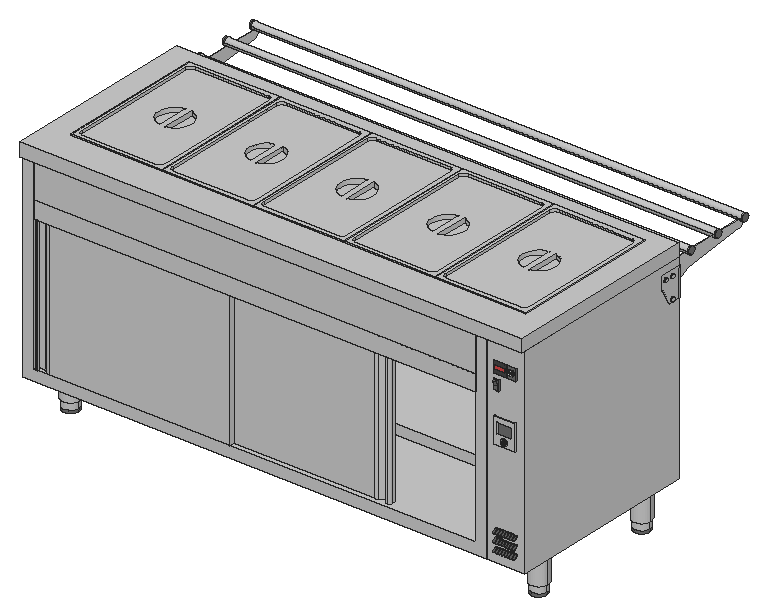
Revit family "QF_INOMAK_MDV718_250604114339", category Specialty Equipment, Revit 2021
Family settings
  Round Connector Dimension = Use Diameter
  Part Type = Normal
  OmniClass Number = 23.40.40.14
  OmniClass Title = Food Service Equipment
  Work Plane-Based = No
  Always vertical = Yes
  Cut with Voids When Loaded = No
  Shared = No
  Room Calculation Point = No
Parameters (values of type "MDV718")
  Weight [instance] = 73.0012 kg
  Waste Water Discharge Temperature [instance] = 0 °C
  Waste Remarks [instance] = ""
  Warranty Start Date [instance] = ""
  Warranty Duration [instance] = ""
  Volts [instance] = 230 V
  Volt Free Conn [instance] = no
  URL Recommended Spares List [instance] = ""
  URL Manufacturer [instance] = ""
  URL Cutsheet [instance] = ""
  URL Critical Spares List [instance] = ""
  URL = "www.inomak.com"
  Technical Documentation [instance] = ""
  Tag Number [instance] = ""
  Status [instance] = ""
  Start Up Current [instance] = 0 A
  Specification by User [instance] = ""
  Specification by Manufacturer [instance] = ""
  Sound Level [instance] = ""
  Show Logo [instance] = yes
  Show Clearances [instance] = yes
  Service Life Duration [instance] = ""
  Serial Number [instance] = ""
  Seismic Rating [instance] = ""
  SMACNA No [instance] = ""
  Revision Code [instance] = ""
  Revision [instance] = ""
  Production Year [instance] = ""
  Potential Equalisation [instance] = no
  Point Load [instance] = 0
  Plumbing Remarks [instance] = ""
  Plumbing Connection Type [instance] = ""
  Phase [instance] = 1
  Other Equipment Approvals [instance] = ""
  Operational Current [instance] = 0 A
  Odor Trap Included [instance] = no
  Number of Poles [instance] = 2
  No Load Power Draw [instance] = no
  National Water Regulation Certification [instance] = no
  NAFEM Spec ID Number [instance] = ""
  Model Warning [instance] = ""
  Model = "MDV718"
  Min Ckt Ampacity [instance] = 0 A
  Max Overcurrent Protection [instance] = 16 A
  Masterspec [instance] = ""
  Manufacturer = "INOMAK"
  Main switch integrated [instance] = no
  Length Actual [instance] = 1791.97 mm
  Item Number [instance] = ""
  Installed By [instance] = ""
  Installation Date [instance] = ""
  Indirect Waste Size [instance] = 25.4 mm
  Indirect Waste Remarks [instance] = ""
  Indirect Waste Flow [instance] = 0.0 L/s
  Indirect Waste Connection Type [instance] = ""
  Indirect Waste Connection Height [instance] = 0 mm
  Identify Quantity as Lot [instance] = no
  ID [instance] = ""
  Hygiene Approval [instance] = ""
  Height Actual [instance] = 899.922 mm
  HP power [instance] = ""
  Furnished By [instance] = ""
  Foodservice Equipment Identifier [instance] = no
  FL Amps [instance] = 11.3 A
  Electrical Remarks [instance] = ""
  Electric power [instance] = 2600 W
  Electric Connection Type [instance] = ""
  Elec Conn RI Height [instance] = 0 mm
  Elec Conn Connection Height [instance] = 0 mm
  ETL Approved [instance] = no
  Direct Waste Water Discharge Temperature [instance] = -273.15 °C
  Direct Waste Size [instance] = 25.4 mm
  Direct Waste RI Height [instance] = 0 mm
  Direct Waste Flow [instance] = 0.0 L/s
  Direct Waste Connection Height [instance] = 0 mm
  Description = "BAIN MARIE ON CUPBOARD WITH 4 GN PANS CAPACITY"
  Depth Actual [instance] = 700.024 mm
  Default Elevation = 0 mm
  Cycle [instance] = 50 Hz
  Cost = 0
  Connection to energy optimisation system [instance] = yes
  Conn Plug [instance] = ""
  Conn Conduit [instance] = no
  Cold Water Temperature Recommended [instance] = 0 °C
  Cold Water Size [instance] = 12.7 mm
  Cold Water Remarks [instance] = ""
  Cold Water RI Height [instance] = 0 mm
  Cold Water Quality [instance] = ""
  Cold Water Minimum Pressure [instance] = 200000.0 Pa
  Cold Water Maximum Pressure [instance] = 600000.0 Pa
  Cold Water Flow [instance] = 0.0 L/s
  Cold Water Connection Type [instance] = ""
  Cold Water Connection Height [instance] = 0 mm
  Centralized building control system with digital interface [instance] = ""
  CSI MasterFormat [instance] = ""
  CE Approved [instance] = no
  Barcode [instance] = 0
  Author [instance] = ""
  Asset Identifier [instance] = ""
  Apparent Power [instance] = 2600 VA
  Accessory [instance] = no
Reference planes
  plane 1 "Center (Front/Back)": y = 0
  plane 2: z = 0
  plane 3 "Center (Left/Right)": x = 0
Forms (mm)
  Extrusion 1, solid, not visible
    sketch origin (110.005, -510.025, 142.007) x (1, 0, 0) y (0, 1, 0)
      loop
        line (-2, 2) -> (-2, -2) -> (2, -2) -> (2, 2) -> (-2, 2)
    from -2 to 2
  Extrusion 2, solid, not visible
    sketch origin (110.005, -410.02, 142.007) x (1, 0, 0) y (0, 1, 0)
      loop
        line (-2, 2) -> (-2, -2) -> (2, -2) -> (2, 2) -> (-2, 2)
    from -2 to 2
  Extrusion 3, solid, not visible
    sketch origin (1745.085, -635.031, 142.007) x (1, 0, 0) y (0, 1, 0)
      loop
        line (-2, 2) -> (-2, -2) -> (2, -2) -> (2, 2) -> (-2, 2)
    from -2 to 2
Dimensions and locks
  locked: nested 2 to Extrusion 1 at 2  (x2)
  locked: nested 3 to Extrusion 2 at 2  (x2)
  locked: nested 4 to Extrusion 3 at 2  (x2)
  aligned and locked: level to plane 2
Nested families
  nested 1: "QF_INOMAK_CUPBOARD_BAIN_MARIES_1795_2920" at (0, 0, 140), type "MDV718"
    with Weight 73.0012 kg, Warranty Start Date "", Warranty Duration "", URL Cutsheet "", Technical Documentation "", Tag Number "", Status "", Specification by User "", Specification by Manufacturer "", Sound Level "", Solid Fuel Type "", Show Logo yes, Show Clearances yes, Service Life Duration "", Serial Number "", Seismic Rating "", SMACNA No "", Revision Code "", Revision "", Production Year "", Point Load 0, Other Equipment Approvals "", NAFEM Spec ID Number "", Model Warning "", Masterspec "", Length Actual 1791.97 mm, Item Number "", Installed By "", Installation Date "", Identify Quantity as Lot yes, ID "", Hygiene Approval "", Height Actual 899.922 mm, Furnished By "", Foodservice Equipment Identifier yes, ETL Approved yes, Depth Actual 700.024 mm, CSI MasterFormat "", CE Approved yes, Barcode "", Author "", Asset Identifier "", Accessory no
  nested 2: "CONN_POINT_COLDWATER_2D___Generic_Annotation" at (110.005, -510.025, 140.007), type "CONN_POINT_COLDWATER_2D___Generic_Annotation"
    with Onboard connection annotation symbol visibility yes
  nested 3: "CONN_POINT_DRAIN_2D___Generic_Annotation" at (110.005, -410.02, 140.007), type "CONN_POINT_DRAIN_2D___Generic_Annotation"
    with Onboard connection annotation symbol visibility yes
  nested 4: "CONN_POINT_ELE_2D___Generic_Annotation" at (1745.085, -635.031, 140.007), type "CONN_POINT_ELE_2D___Generic_Annotation"
    with Onboard connection annotation symbol visibility yes
  nested 5: "QF_INOMAK_LEGS_5089" at (0, 0, 0), type "LG-1795-700"
    with Weight 0.00 kg, Warranty Start Date "", Warranty Duration "", URL Cutsheet "", Technical Documentation "", Tag Number "", Status "", Specification by User "", Specification by Manufacturer "", Sound Level "", Solid Fuel Type "", Show Logo yes, Show Clearances yes, Service Life Duration "", Serial Number "", Seismic Rating "", SMACNA No "", Revision Code "", Revision "", Production Year "", Point Load 0, Other Equipment Approvals "", NAFEM Spec ID Number "", Model Warning "", Masterspec "", Length Actual 1791.97 mm, Item Number "", Installed By "", Installation Date "", Identify Quantity as Lot yes, ID "", Hygiene Approval "", Height Actual 139.954 mm, Furnished By "", Foodservice Equipment Identifier yes, ETL Approved yes, Depth Actual 700.024 mm, CSI MasterFormat "", CE Approved yes, Barcode "", Author "", Asset Identifier "", Accessory yes
  nested 6: "QF_INOMAK_CUPBOARD_RAILS_6838" at (0, 0, 140), type "RAS178"
    with Weight 0.00 kg, Warranty Start Date "", Warranty Duration "", URL Cutsheet "", Technical Documentation "", Tag Number "", Status "", Specification by User "", Specification by Manufacturer "", Sound Level "", Solid Fuel Type "", Show Logo yes, Show Clearances yes, Service Life Duration "", Serial Number "", Seismic Rating "", SMACNA No "", Revision Code "", Revision "", Production Year "", Point Load 0, Other Equipment Approvals "", NAFEM Spec ID Number "", Model Warning "", Masterspec "", Length Actual 1761.998 mm, Length 1792 mm, Item Number "", Installed By "", Installation Date "", Identify Quantity as Lot yes, ID "", Hygiene Approval "", Height Actual 175.006 mm, Furnished By "", Foodservice Equipment Identifier yes, ETL Approved yes, Depth Actual 335.026 mm, CSI MasterFormat "", CE Approved yes, Barcode "", Author "", Asset Identifier "", Accessory yes
Connectors
  piping at (110.005, -510.025, 140.007), diameter 12.7, driven by "Cold Water Size", driven by "Cold Water Flow"
    settings: on Extrusion 1, index 1, connector inside diameter 609.6 mm, connector length 0 mm, flow factor 0, pipe flow 0.0 L/s, pressure drop 0.0 Pa, fitting loss kfactor 0, connector angle 0.00°, fixture units 0, engagement length 0 mm, angle of deflection 0.00°, flow configuration 1, flow direction 1, fitting loss method 0, system type 20, joint type 0, gender type 0, connector reference index -1, connector utility 0, adjustable connector no, is connector primary yes, connector description "Cold Water connection for MDV718"
  piping at (110.005, -410.02, 140.007), diameter 25.4, driven by "Indirect Waste Size", driven by "Direct Waste Flow"
    settings: on Extrusion 2, index 2, connector inside diameter 609.6 mm, connector length 0 mm, flow factor 0, pipe flow 0.0 L/s, pressure drop 0.0 Pa, fitting loss kfactor 0, connector angle 0.00°, fixture units 0, engagement length 0 mm, angle of deflection 0.00°, flow configuration 1, flow direction 2, fitting loss method 0, system type 16, joint type 0, gender type 0, connector reference index -1, connector utility 0, adjustable connector no, is connector primary no, connector description "Waste connection for MDV718"
  electrical at (1745.085, -635.031, 140.007), driven by "Apparent Power", driven by "Number of Poles", driven by "Volts"
    settings: on Extrusion 3, index 3, voltage 230 V, apparent load 0 VA, apparent load phase1 2600 VA, apparent load phase2 0 VA, apparent load phase3 0 VA, power factor 1, load classification "Other", number of poles 2, system type 31, power factor state 1, is connector primary yes, connector utility no, sub classification motor no, connector description "Electrical connection for MDV718"
Definition of nested family "QF_INOMAK_CUPBOARD_BAIN_MARIES_1795_2920"
  Parameters (values of type "MDV718")
    Weight [instance] = 0.00 kg
    Warranty Start Date [instance] = ""
    Warranty Duration [instance] = ""
    URL Cutsheet [instance] = ""
    URL = "www.inomak.com"
    Technical Documentation [instance] = ""
    Tag Number [instance] = ""
    Status [instance] = ""
    Specification by User [instance] = ""
    Specification by Manufacturer [instance] = ""
    Sound Level [instance] = ""
    Solid Fuel Type [instance] = ""
    Show Logo [instance] = yes
    Show Clearances [instance] = yes
    Service Life Duration [instance] = ""
    Serial Number [instance] = ""
    Seismic Rating [instance] = ""
    SMACNA No [instance] = ""
    Revision Code [instance] = ""
    Revision [instance] = ""
    Production Year [instance] = ""
    Point Load [instance] = 0
    Other Equipment Approvals [instance] = ""
    NAFEM Spec ID Number [instance] = ""
    Model Warning [instance] = ""
    Model = "MDV718"
    Masterspec [instance] = ""
    Manufacturer = "INOMAK"
    Length Actual [instance] = 0 mm
    Item Number [instance] = ""
    Installed By [instance] = ""
    Installation Date [instance] = ""
    Identify Quantity as Lot [instance] = yes
    ID [instance] = ""
    Hygiene Approval [instance] = ""
    Height Actual [instance] = 0 mm
    Furnished By [instance] = ""
    Foodservice Equipment Identifier [instance] = yes
    ETL Approved [instance] = yes
    Description = "BAIN MARIE ON CUPBOARD WITH 4 GN PANS CAPACITY"
    Depth Actual [instance] = 0 mm
    Default Elevation = 0 mm
    CSI MasterFormat [instance] = ""
    CE Approved [instance] = yes
    Barcode [instance] = ""
    Author [instance] = ""
    Asset Identifier [instance] = ""
    Assembly Code = "E1090320"
    Accessory [instance] = yes
  Types (10, lengths in mm): name | Model | Description
    MFV718 | "MFV718" | "BAIN MARIE ON CUPBOARD WITH 4 GN PANS CAPACITY AND SHOWCASE"
    MHV718 | "MHV718" | "BAIN MARIE ON HEATED CUPBOARD WITH 4 GN PANS CAPACITY"
    MJV718 | "MJV718" | "BAIN MARIE ON HEATED CUPBOARD WITH 4 GN PANS CAPACITY AND SINGLE SNEEZE GUARD"
    MQV718 | "MQV718" | "BAIN MARIE ON HEATED CUPBOARD WITH 4 GN PANS CAPACITY AND DOUBLE SNEEZE GUARD"
    MISQ718 | "MISQ718" | "BAIN MARIE ON HEATED CUPBOARD WITH 4 GN PANS CAPACITY AND SQUARE SHOWCASE"
    MDV718 | "MDV718" | "BAIN MARIE ON CUPBOARD WITH 4 GN PANS CAPACITY"
    MVV718 | "MVV718" | "BAIN MARIE ON CUPBOARD WITH 4 GN PANS CAPACITY AND SINGLE SNEEZE GUARD"
    MRV718 | "MRV718" | "BAIN MARIE ON CUPBOARD WITH 4 GN PANS CAPACITY AND DOUBLE SNEEZE GUARD"
    MFSQ718 | "MFSQ718" | "BAIN MARIE ON CUPBOARD WITH 4 GN PANS CAPACITY AND SQUARE SHOWCASE"
    MIV718 | "MIV718" | "BAIN MARIE ON HEATED CUPBOARD WITH 4 GN PANS CAPACITY AND SHOWCASE"
  Reference planes
    plane 1 "Back": y = 0
    plane 2: z = 0
    plane 3 "Left": x = 0
    plane 4 "Right": x = 1792
    plane 5 "Front": y = -700
    plane 6 "Top": z = 756
  Forms (mm)
    Extrusion 1, solid
      sketch origin (1168.283, -707, -123.631) x (-1, 0, 0) y (0, 0, 1)
        loop
          arc (-522.253, 235.165) -> (-526.351, 236.263) -> (-527.449, 232.165) r 3
          line (-527.449, 232.165) -> (-518.449, 216.577)
          arc (-518.449, 216.577) -> (-514.351, 215.479) -> (-513.253, 219.577) r 3
          line (-513.253, 219.577) -> (-522.253, 235.165)
        loop
          arc (-532.253, 235.165) -> (-536.351, 236.263) -> (-537.449, 232.165) r 3
          line (-537.449, 232.165) -> (-528.449, 216.577)
          arc (-528.449, 216.577) -> (-524.351, 215.479) -> (-523.253, 219.577) r 3
          line (-523.253, 219.577) -> (-532.253, 235.165)
        loop
          arc (-542.253, 235.165) -> (-546.351, 236.263) -> (-547.449, 232.165) r 3
          line (-547.449, 232.165) -> (-538.449, 216.577)
          arc (-538.449, 216.577) -> (-534.351, 215.479) -> (-533.253, 219.577) r 3
          line (-533.253, 219.577) -> (-542.253, 235.165)
        loop
          arc (-552.253, 235.165) -> (-556.351, 236.263) -> (-557.449, 232.165) r 3
          line (-557.449, 232.165) -> (-548.449, 216.577)
          arc (-548.449, 216.577) -> (-544.351, 215.479) -> (-543.253, 219.577) r 3
          line (-543.253, 219.577) -> (-552.253, 235.165)
        loop
          arc (-562.253, 235.165) -> (-566.351, 236.263) -> (-567.449, 232.165) r 3
          line (-567.449, 232.165) -> (-558.449, 216.577)
          arc (-558.449, 216.577) -> (-554.351, 215.479) -> (-553.253, 219.577) r 3
          line (-553.253, 219.577) -> (-562.253, 235.165)
        loop
          arc (-572.253, 235.165) -> (-576.351, 236.263) -> (-577.449, 232.165) r 3
          line (-577.449, 232.165) -> (-568.449, 216.577)
          arc (-568.449, 216.577) -> (-564.351, 215.479) -> (-563.253, 219.577) r 3
          line (-563.253, 219.577) -> (-572.253, 235.165)
        loop
          arc (-582.253, 235.165) -> (-586.351, 236.263) -> (-587.449, 232.165) r 3
          line (-587.449, 232.165) -> (-578.449, 216.577)
          arc (-578.449, 216.577) -> (-574.351, 215.479) -> (-573.253, 219.577) r 3
          line (-573.253, 219.577) -> (-582.253, 235.165)
        loop
          arc (-592.253, 235.165) -> (-596.351, 236.263) -> (-597.449, 232.165) r 3
          line (-597.449, 232.165) -> (-588.449, 216.577)
          arc (-588.449, 216.577) -> (-584.351, 215.479) -> (-583.253, 219.577) r 3
          line (-583.253, 219.577) -> (-592.253, 235.165)
        loop
          arc (-522.253, 205.165) -> (-526.351, 206.263) -> (-527.449, 202.165) r 3
          line (-527.449, 202.165) -> (-518.449, 186.577)
          arc (-518.449, 186.577) -> (-514.351, 185.479) -> (-513.253, 189.577) r 3
          line (-513.253, 189.577) -> (-522.253, 205.165)
        loop
          arc (-532.253, 205.165) -> (-536.351, 206.263) -> (-537.449, 202.165) r 3
          line (-537.449, 202.165) -> (-528.449, 186.577)
          arc (-528.449, 186.577) -> (-524.351, 185.479) -> (-523.253, 189.577) r 3
          line (-523.253, 189.577) -> (-532.253, 205.165)
        loop
          arc (-542.253, 205.165) -> (-546.351, 206.263) -> (-547.449, 202.165) r 3
          line (-547.449, 202.165) -> (-538.449, 186.577)
          arc (-538.449, 186.577) -> (-534.351, 185.479) -> (-533.253, 189.577) r 3
          line (-533.253, 189.577) -> (-542.253, 205.165)
        loop
          arc (-552.253, 205.165) -> (-556.351, 206.263) -> (-557.449, 202.165) r 3
          line (-557.449, 202.165) -> (-548.449, 186.577)
          arc (-548.449, 186.577) -> (-544.351, 185.479) -> (-543.253, 189.577) r 3
          line (-543.253, 189.577) -> (-552.253, 205.165)
        loop
          arc (-562.253, 205.165) -> (-566.351, 206.263) -> (-567.449, 202.165) r 3
          line (-567.449, 202.165) -> (-558.449, 186.577)
          arc (-558.449, 186.577) -> (-554.351, 185.479) -> (-553.253, 189.577) r 3
          line (-553.253, 189.577) -> (-562.253, 205.165)
        loop
          arc (-572.253, 205.165) -> (-576.351, 206.263) -> (-577.449, 202.165) r 3
          line (-577.449, 202.165) -> (-568.449, 186.577)
          arc (-568.449, 186.577) -> (-564.351, 185.479) -> (-563.253, 189.577) r 3
          line (-563.253, 189.577) -> (-572.253, 205.165)
        loop
          arc (-582.253, 205.165) -> (-586.351, 206.263) -> (-587.449, 202.165) r 3
          line (-587.449, 202.165) -> (-578.449, 186.577)
          arc (-578.449, 186.577) -> (-574.351, 185.479) -> (-573.253, 189.577) r 3
          line (-573.253, 189.577) -> (-582.253, 205.165)
        loop
          arc (-592.253, 205.165) -> (-596.351, 206.263) -> (-597.449, 202.165) r 3
          line (-597.449, 202.165) -> (-588.449, 186.577)
          arc (-588.449, 186.577) -> (-584.351, 185.479) -> (-583.253, 189.577) r 3
          line (-583.253, 189.577) -> (-592.253, 205.165)
        loop
          arc (-522.253, 175.165) -> (-526.351, 176.263) -> (-527.449, 172.165) r 3
          line (-527.449, 172.165) -> (-518.449, 156.577)
          arc (-518.449, 156.577) -> (-514.351, 155.479) -> (-513.253, 159.577) r 3
          line (-513.253, 159.577) -> (-522.253, 175.165)
        loop
          arc (-532.253, 175.165) -> (-536.351, 176.263) -> (-537.449, 172.165) r 3
          line (-537.449, 172.165) -> (-528.449, 156.577)
          arc (-528.449, 156.577) -> (-524.351, 155.479) -> (-523.253, 159.577) r 3
          line (-523.253, 159.577) -> (-532.253, 175.165)
        loop
          arc (-542.253, 175.165) -> (-546.351, 176.263) -> (-547.449, 172.165) r 3
          line (-547.449, 172.165) -> (-538.449, 156.577)
          arc (-538.449, 156.577) -> (-534.351, 155.479) -> (-533.253, 159.577) r 3
          line (-533.253, 159.577) -> (-542.253, 175.165)
        loop
          arc (-552.253, 175.165) -> (-556.351, 176.263) -> (-557.449, 172.165) r 3
          line (-557.449, 172.165) -> (-548.449, 156.577)
          arc (-548.449, 156.577) -> (-544.351, 155.479) -> (-543.253, 159.577) r 3
          line (-543.253, 159.577) -> (-552.253, 175.165)
        loop
          arc (-562.253, 175.165) -> (-566.351, 176.263) -> (-567.449, 172.165) r 3
          line (-567.449, 172.165) -> (-558.449, 156.577)
          arc (-558.449, 156.577) -> (-554.351, 155.479) -> (-553.253, 159.577) r 3
          line (-553.253, 159.577) -> (-562.253, 175.165)
        loop
          arc (-572.253, 175.165) -> (-576.351, 176.263) -> (-577.449, 172.165) r 3
          line (-577.449, 172.165) -> (-568.449, 156.577)
          arc (-568.449, 156.577) -> (-564.351, 155.479) -> (-563.253, 159.577) r 3
          line (-563.253, 159.577) -> (-572.253, 175.165)
        loop
          arc (-582.253, 175.165) -> (-586.351, 176.263) -> (-587.449, 172.165) r 3
          line (-587.449, 172.165) -> (-578.449, 156.577)
          arc (-578.449, 156.577) -> (-574.351, 155.479) -> (-573.253, 159.577) r 3
          line (-573.253, 159.577) -> (-582.253, 175.165)
        loop
          arc (-592.253, 175.165) -> (-596.351, 176.263) -> (-597.449, 172.165) r 3
          line (-597.449, 172.165) -> (-588.449, 156.577)
          arc (-588.449, 156.577) -> (-584.351, 155.479) -> (-583.253, 159.577) r 3
          line (-583.253, 159.577) -> (-592.253, 175.165)
      from 16.5 to 18.5
    Extrusion 2, solid
      sketch origin (1476.266, -692, 538.514) x (-1, 0, 0) y (0, 0, 1)
        loop
          line (-208.234, 108.408) -> (-253.234, 108.408) -> (-253.234, 68.408) -> (-208.234, 68.408) -> (-208.234, 108.408)
      from 0 to 2
    Extrusion 3, solid
      sketch origin (754.5, -693, 539.422) x (-1, 0, 0) y (0, 0, 1)
        loop
          line (-950, 15) -> (-930, 15) -> (-930, 50) -> (-950, 50) -> (-950, 15)
      from 0 to 3
    Extrusion 4, solid
      sketch origin (782.5, -568, 539.422) x (0, 1, 0) y (0, 0, 1)
        loop
          line (-125, 18) -> (-125, 47)
          arc (-125, 47) -> (-127.961, 46.812) -> (-130.754, 45.81) r 10.576
          line (-130.754, 45.81) -> (-128, 32.5) -> (-128, 18) -> (-125, 18)
      from 905 to 919
    Extrusion 5, solid
      sketch origin (1521.266, -692, 538.514) x (-1, 0, 0) y (0, 0, 1)
        loop
          line (-208.234, 108.408) -> (-243.234, 108.408) -> (-243.234, 68.408) -> (-208.234, 68.408) -> (-208.234, 108.408)
      from 0 to 2
    Extrusion 6, solid
      sketch origin (1476.266, -692.5, 538.514) x (-1, 0, 0) y (0, 0, 1)
        loop
          line (-213.234, 94.908) -> (-248.234, 94.908) -> (-248.234, 81.908) -> (-213.234, 81.908) -> (-213.234, 94.908)
      from 0 to 2.5
    Extrusion 7, solid
      sketch origin (1476.266, -692.5, 538.514) x (-1, 0, 0) y (0, 0, 1)
        loop
          line (-271.558, 91.171) -> (-275.802, 98.522) -> (-280.047, 91.171) -> (-271.558, 91.171)
        loop
          line (-271.558, 85.645) -> (-280.047, 85.645) -> (-275.802, 78.294) -> (-271.558, 85.645)
        loop
          line (-257.397, 85.645) -> (-267.397, 85.645) -> (-267.397, 78.294) -> (-257.397, 78.294) -> (-257.397, 85.645)
        loop
          line (-265.397, 98.522) -> (-267.397, 98.522) -> (-267.397, 92.322) -> (-259.549, 92.322) -> (-259.549, 91.171) -> (-257.397, 93.322) -> (-259.549, 95.474) -> (-259.549, 94.322) -> (-265.397, 94.322) -> (-265.397, 98.522)
      from 0 to 2.5
    Extrusion 8, solid
      sketch origin (28.5, 0, 488) x (1, 0, 0) y (0, 1, 0)
        loop
          line (55, -50) -> (55, -580) -> (380, -580) -> (380, -50) -> (55, -50)
        loop
          arc (87.5, -65) -> (73.358, -70.858) -> (67.5, -85) r 20
          line (67.5, -85) -> (67.5, -545.415)
          arc (67.5, -545.415) -> (73.358, -559.557) -> (87.5, -565.415) r 20
          line (87.5, -565.415) -> (347.5, -565.415)
          arc (347.5, -565.415) -> (361.642, -559.557) -> (367.5, -545.415) r 20
          line (367.5, -545.415) -> (367.5, -85)
          arc (367.5, -85) -> (361.642, -70.858) -> (347.5, -65) r 20
          line (347.5, -65) -> (87.5, -65)
      from 222 to 270
    Extrusion 9, solid
      sketch origin (28.5, 0, 481) x (1, 0, 0) y (0, 1, 0)
        loop
          arc (67.5, -545.415) -> (73.358, -559.557) -> (87.5, -565.415) r 20
          line (87.5, -565.415) -> (347.5, -565.415)
          arc (347.5, -565.415) -> (361.642, -559.557) -> (367.5, -545.415) r 20
          line (367.5, -545.415) -> (367.5, -85)
          arc (367.5, -85) -> (361.642, -70.858) -> (347.5, -65) r 20
          line (347.5, -65) -> (87.5, -65)
          arc (87.5, -65) -> (73.358, -70.858) -> (67.5, -85) r 20
          line (67.5, -85) -> (67.5, -545.415)
      from 229 to 270
    Extrusion 10, void
      sketch origin (28.5, 0, 496) x (1, 0, 0) y (0, 1, 0)
        loop
          arc (207.5, -256.046) -> (157.5, -315.207) -> (207.5, -374.368) r 60
          line (207.5, -374.368) -> (207.5, -256.046)
        loop
          line (227.5, -256.046) -> (227.5, -374.368)
          arc (227.5, -374.368) -> (277.5, -315.207) -> (227.5, -256.046) r 60
      from 240 to 270
    Extrusion 11, solid
      sketch origin (353.5, 0, 488) x (1, 0, 0) y (0, 1, 0)
        loop
          line (55, -50) -> (55, -580) -> (380, -580) -> (380, -50) -> (55, -50)
        loop
          arc (87.5, -65) -> (73.358, -70.858) -> (67.5, -85) r 20
          line (67.5, -85) -> (67.5, -545.415)
          arc (67.5, -545.415) -> (73.358, -559.557) -> (87.5, -565.415) r 20
          line (87.5, -565.415) -> (347.5, -565.415)
          arc (347.5, -565.415) -> (361.642, -559.557) -> (367.5, -545.415) r 20
          line (367.5, -545.415) -> (367.5, -85)
          arc (367.5, -85) -> (361.642, -70.858) -> (347.5, -65) r 20
          line (347.5, -65) -> (87.5, -65)
      from 222 to 270
    Extrusion 12, solid
      sketch origin (353.5, 0, 481) x (1, 0, 0) y (0, 1, 0)
        loop
          arc (67.5, -545.415) -> (73.358, -559.557) -> (87.5, -565.415) r 20
          line (87.5, -565.415) -> (347.5, -565.415)
          arc (347.5, -565.415) -> (361.642, -559.557) -> (367.5, -545.415) r 20
          line (367.5, -545.415) -> (367.5, -85)
          arc (367.5, -85) -> (361.642, -70.858) -> (347.5, -65) r 20
          line (347.5, -65) -> (87.5, -65)
          arc (87.5, -65) -> (73.358, -70.858) -> (67.5, -85) r 20
          line (67.5, -85) -> (67.5, -545.415)
      from 229 to 270
    Extrusion 13, void
      sketch origin (353.5, 0, 496) x (1, 0, 0) y (0, 1, 0)
        loop
          arc (207.5, -256.046) -> (157.5, -315.207) -> (207.5, -374.368) r 60
          line (207.5, -374.368) -> (207.5, -256.046)
        loop
          line (227.5, -256.046) -> (227.5, -374.368)
          arc (227.5, -374.368) -> (277.5, -315.207) -> (227.5, -256.046) r 60
      from 240 to 270
    Extrusion 14, solid
      sketch origin (1003.5, 0, 488) x (1, 0, 0) y (0, 1, 0)
        loop
          line (55, -50) -> (55, -580) -> (380, -580) -> (380, -50) -> (55, -50)
        loop
          arc (87.5, -65) -> (73.358, -70.858) -> (67.5, -85) r 20
          line (67.5, -85) -> (67.5, -545.415)
          arc (67.5, -545.415) -> (73.358, -559.557) -> (87.5, -565.415) r 20
          line (87.5, -565.415) -> (347.5, -565.415)
          arc (347.5, -565.415) -> (361.642, -559.557) -> (367.5, -545.415) r 20
          line (367.5, -545.415) -> (367.5, -85)
          arc (367.5, -85) -> (361.642, -70.858) -> (347.5, -65) r 20
          line (347.5, -65) -> (87.5, -65)
      from 222 to 270
    Extrusion 15, solid
      sketch origin (1003.5, 0, 481) x (1, 0, 0) y (0, 1, 0)
        loop
          arc (67.5, -545.415) -> (73.358, -559.557) -> (87.5, -565.415) r 20
          line (87.5, -565.415) -> (347.5, -565.415)
          arc (347.5, -565.415) -> (361.642, -559.557) -> (367.5, -545.415) r 20
          line (367.5, -545.415) -> (367.5, -85)
          arc (367.5, -85) -> (361.642, -70.858) -> (347.5, -65) r 20
          line (347.5, -65) -> (87.5, -65)
          arc (87.5, -65) -> (73.358, -70.858) -> (67.5, -85) r 20
          line (67.5, -85) -> (67.5, -545.415)
      from 229 to 270
    Extrusion 16, void
      sketch origin (1003.5, 0, 496) x (1, 0, 0) y (0, 1, 0)
        loop
          arc (207.5, -256.046) -> (157.5, -315.207) -> (207.5, -374.368) r 60
          line (207.5, -374.368) -> (207.5, -256.046)
        loop
          line (227.5, -256.046) -> (227.5, -374.368)
          arc (227.5, -374.368) -> (277.5, -315.207) -> (227.5, -256.046) r 60
      from 240 to 270
    Extrusion 17, solid
      sketch origin (0, 0, 706) x (1, 0, 0) y (0, 1, 0)
        loop
          line (0, 0) -> (0, -700) -> (1792, -700) -> (1792, 0) -> (0, 0)
        loop
          line (83.5, -50) -> (83.5, -580) -> (1708.5, -580) -> (1708.5, -50) -> (83.5, -50)
      from 4 to 50
    Extrusion 18, solid
      sketch origin (0, 0, 0) x (1, 0, 0) y (0, 1, 0)
        loop
          line (0, -690) -> (40, -690) -> (40, -40) -> (1617, -40) -> (1617, -690) -> (1657, -690) -> (1657, 0) -> (0, 0) -> (0, -690)
      from 0 to 710
    Extrusion 19, solid
      sketch origin (687, 0, 0) x (1, 0, 0) y (0, 1, 0)
        loop
          line (970, 0) -> (970, -690) -> (1105, -690) -> (1105, 0) -> (970, 0)
      from 0 to 710
    Extrusion 20, solid
      sketch origin (-130, -690, 0) x (-1, 0, 0) y (0, 1, 0)
        loop
          line (-170, 10) -> (-170, 20) -> (-868.5, 20) -> (-868.5, 0) -> (-226.156, 0)
          arc (-226.156, 0) -> (-220.272, 0.885) -> (-214.91, 3.461) r 20
          line (-214.91, 3.461) -> (-195, 17) -> (-173, 17) -> (-173, 10)
          arc (-173, 10) -> (-175.05, 5.05) -> (-180, 3) r 7
          line (-180, 3) -> (-185.012, 3) -> (-185.012, 0) -> (-180, 0)
          arc (-180, 0) -> (-172.929, 2.929) -> (-170, 10) r 10
      from -40 to -520
    Extrusion 21, solid
      sketch origin (367, -690, 0) x (-1, 0, 0) y (0, 1, 0)
        loop
          arc (-930, 30) -> (-927.071, 22.929) -> (-920, 20) r 10
          line (-920, 20) -> (-914.988, 20) -> (-914.988, 23) -> (-920, 23)
          arc (-920, 23) -> (-924.95, 25.05) -> (-927, 30) r 7
          line (-927, 30) -> (-927, 37) -> (-905, 37) -> (-885.09, 23.461)
          arc (-885.09, 23.461) -> (-879.728, 20.885) -> (-873.844, 20) r 20
          line (-873.844, 20) -> (-231.5, 20) -> (-231.5, 40) -> (-930, 40) -> (-930, 30)
      from -40 to -520
    Extrusion 22, solid
      sketch origin (0, 0, 0) x (1, 0, 0) y (0, 1, 0)
        loop
          line (40, -40) -> (40, -690) -> (1620, -690) -> (1620, -40) -> (40, -40)
      from 0 to 40
    Extrusion 23, solid
      sketch origin (0.5, 0, 672.314) x (1, 0, 0) y (0, 1, 0)
        loop
          line (39.5, -40) -> (39.5, -690) -> (1616.5, -690) -> (1616.5, -40) -> (39.5, -40)
      from -92.314 to 37.686
    Extrusion 24, solid
      sketch origin (-1.5, 0, 610.314) x (1, 0, 0) y (0, 1, 0)
        loop
          line (41.5, -40) -> (41.5, -690) -> (1618.5, -690) -> (1618.5, -40) -> (41.5, -40)
      from -90.314 to -30.314
    Extrusion 25, solid
      sketch origin (-1.5, 0, 252.5) x (1, 0, 0) y (0, 1, 0)
        loop
          line (41.5, -40) -> (41.5, -645) -> (1618.5, -645) -> (1618.5, -40) -> (41.5, -40)
      from 0 to 35
    Extrusion 26, solid
      sketch origin (694.002, -695, 50) x (-1, 0, 0) y (0, 0, 1)
        loop
          line (-992.998, 421.076) -> (-1067.998, 421.076) -> (-1067.998, 331.076) -> (-992.998, 331.076) -> (-992.998, 421.076)
        loop
          line (-1003.957, 406.276) -> (-1058.957, 406.276) -> (-1058.957, 366.276) -> (-1003.957, 366.276) -> (-1003.957, 406.276)
      from 0 to 5
    Extrusion 27, solid
      sketch origin (694.002, -692, 50) x (-1, 0, 0) y (0, 0, 1)
        loop
          line (-1003.957, 406.276) -> (-1058.957, 406.276) -> (-1058.957, 366.276) -> (-1003.957, 366.276) -> (-1003.957, 406.276)
      from 0 to 2
    Revolve 28, solid
      sketch origin (1724.5, 59.612, -3292.415) x (0, 1, 0) y (0, 0, 1)
        loop
          line (-757.012, 3691.152) -> (-754.612, 3691.152) -> (-754.612, 3701.789) -> (-757.662, 3701.789) -> (-759.012, 3699.998) -> (-757.012, 3699.998) -> (-757.012, 3691.152)
        axis (-754.612, 3691.152) -> (-759.012, 3691.152)
      angle from 0 to 360
    Extrusion 29, solid
      sketch origin (-367.127, -695, 2689.585) x (-1, 0, 0) y (0, 0, 1)
        loop
          line (-2090.827, -2287.348) -> (-2092.827, -2287.348) -> (-2092.827, -2294.348) -> (-2090.827, -2294.348) -> (-2090.827, -2287.348)
        loop
          circle (-2091.627, -2290.848) r 7.846
      from -4.4 to -2.4
    Extrusion 30, solid
      sketch origin (678.5, 0, 488) x (1, 0, 0) y (0, 1, 0)
        loop
          line (55, -50) -> (55, -580) -> (380, -580) -> (380, -50) -> (55, -50)
        loop
          arc (87.5, -65) -> (73.358, -70.858) -> (67.5, -85) r 20
          line (67.5, -85) -> (67.5, -545.415)
          arc (67.5, -545.415) -> (73.358, -559.557) -> (87.5, -565.415) r 20
          line (87.5, -565.415) -> (347.5, -565.415)
          arc (347.5, -565.415) -> (361.642, -559.557) -> (367.5, -545.415) r 20
          line (367.5, -545.415) -> (367.5, -85)
          arc (367.5, -85) -> (361.642, -70.858) -> (347.5, -65) r 20
          line (347.5, -65) -> (87.5, -65)
      from 222 to 270
    Extrusion 31, solid
      sketch origin (678.5, 0, 481) x (1, 0, 0) y (0, 1, 0)
        loop
          arc (67.5, -545.415) -> (73.358, -559.557) -> (87.5, -565.415) r 20
          line (87.5, -565.415) -> (347.5, -565.415)
          arc (347.5, -565.415) -> (361.642, -559.557) -> (367.5, -545.415) r 20
          line (367.5, -545.415) -> (367.5, -85)
          arc (367.5, -85) -> (361.642, -70.858) -> (347.5, -65) r 20
          line (347.5, -65) -> (87.5, -65)
          arc (87.5, -65) -> (73.358, -70.858) -> (67.5, -85) r 20
          line (67.5, -85) -> (67.5, -545.415)
      from 229 to 270
    Extrusion 32, void
      sketch origin (678.5, 0, 496) x (1, 0, 0) y (0, 1, 0)
        loop
          arc (207.5, -256.046) -> (157.5, -315.207) -> (207.5, -374.368) r 60
          line (207.5, -374.368) -> (207.5, -256.046)
        loop
          line (227.5, -256.046) -> (227.5, -374.368)
          arc (227.5, -374.368) -> (277.5, -315.207) -> (227.5, -256.046) r 60
      from 240 to 270
    Extrusion 33, solid
      sketch origin (1328.5, 0, 488) x (1, 0, 0) y (0, 1, 0)
        loop
          line (55, -50) -> (55, -580) -> (380, -580) -> (380, -50) -> (55, -50)
        loop
          arc (87.5, -65) -> (73.358, -70.858) -> (67.5, -85) r 20
          line (67.5, -85) -> (67.5, -545.415)
          arc (67.5, -545.415) -> (73.358, -559.557) -> (87.5, -565.415) r 20
          line (87.5, -565.415) -> (347.5, -565.415)
          arc (347.5, -565.415) -> (361.642, -559.557) -> (367.5, -545.415) r 20
          line (367.5, -545.415) -> (367.5, -85)
          arc (367.5, -85) -> (361.642, -70.858) -> (347.5, -65) r 20
          line (347.5, -65) -> (87.5, -65)
      from 222 to 270
    Extrusion 34, solid
      sketch origin (1328.5, 0, 481) x (1, 0, 0) y (0, 1, 0)
        loop
          arc (67.5, -545.415) -> (73.358, -559.557) -> (87.5, -565.415) r 20
          line (87.5, -565.415) -> (347.5, -565.415)
          arc (347.5, -565.415) -> (361.642, -559.557) -> (367.5, -545.415) r 20
          line (367.5, -545.415) -> (367.5, -85)
          arc (367.5, -85) -> (361.642, -70.858) -> (347.5, -65) r 20
          line (347.5, -65) -> (87.5, -65)
          arc (87.5, -65) -> (73.358, -70.858) -> (67.5, -85) r 20
          line (67.5, -85) -> (67.5, -545.415)
      from 229 to 270
    Extrusion 35, void
      sketch origin (1328.5, 0, 496) x (1, 0, 0) y (0, 1, 0)
        loop
          arc (207.5, -256.046) -> (157.5, -315.207) -> (207.5, -374.368) r 60
          line (207.5, -374.368) -> (207.5, -256.046)
        loop
          line (227.5, -256.046) -> (227.5, -374.368)
          arc (227.5, -374.368) -> (277.5, -315.207) -> (227.5, -256.046) r 60
      from 240 to 270
  Cuts and joins
    Extrusion 10, Extrusion 13 cuts Extrusion 9
    Extrusion 13, Extrusion 16, Extrusion 32 cuts Extrusion 12
    Extrusion 16, Extrusion 35 cuts Extrusion 15
    joined: Extrusion 18, Extrusion 22
    Extrusion 32 cuts Extrusion 31
    Extrusion 35 cuts Extrusion 34
  Lines and regions (mm)
    symbolic lines
      curve 1: line (0, 0, 0) -> (1792, 0, 0)
      curve 2: line (0, -700, 0) -> (0, 0, 0)
      curve 3: line (1792, -700, 0) -> (0, -700, 0)
      curve 4: line (1792, 0, 0) -> (1792, -700, 0)
      curve 5: line (83.5, -50, 0) -> (1708.5, -50, 0)
      curve 6: line (83.5, -580, 0) -> (83.5, -50, 0)
      curve 7: line (1708.5, -580, 0) -> (83.5, -580, 0)
      curve 8: line (733.5, -50, 0) -> (733.5, -580, 0)
      curve 9: line (408.5, -50, 0) -> (408.5, -580, 0)
      curve 10: line (1708.5, -50, 0) -> (1708.5, -580, 0)
      curve 11: line (1058.5, -50, 0) -> (1058.5, -580, 0)
      curve 12: line (1383.5, -50, 0) -> (1383.5, -580, 0)
      curve 13: line (116, -65, 0) -> (376, -65, 0)
      curve 14: arc (376, -65, 0) -> (390.142, -70.858, 0) -> (396, -85, 0) r 20
      curve 15: line (396, -85, 0) -> (396, -545.415, 0)
      curve 16: arc (396, -545.415, 0) -> (390.142, -559.557, 0) -> (376, -565.415, 0) r 20
      curve 17: line (376, -565.415, 0) -> (116, -565.415, 0)
      curve 18: arc (116, -565.415, 0) -> (101.858, -559.557, 0) -> (96, -545.415, 0) r 20
      curve 19: line (96, -545.415, 0) -> (96, -85, 0)
      curve 20: arc (96, -85, 0) -> (101.858, -70.858, 0) -> (116, -65, 0) r 20
      curve 21: arc (236, -256.046, 0) -> (186, -315.207, 0) -> (236, -374.368, 0) r 60
      curve 22: line (236, -374.368, 0) -> (236, -256.046, 0)
      curve 23: line (256, -256.046, 0) -> (256, -374.368, 0)
      curve 24: arc (256, -374.368, 0) -> (306, -315.207, 0) -> (256, -256.046, 0) r 60
      curve 25: line (441, -65, 0) -> (701, -65, 0)
      curve 26: arc (701, -65, 0) -> (715.142, -70.858, 0) -> (721, -85, 0) r 20
      curve 27: line (721, -85, 0) -> (721, -545.415, 0)
      curve 28: arc (721, -545.415, 0) -> (715.142, -559.557, 0) -> (701, -565.415, 0) r 20
      curve 29: line (701, -565.415, 0) -> (441, -565.415, 0)
      curve 30: arc (441, -565.415, 0) -> (426.858, -559.557, 0) -> (421, -545.415, 0) r 20
      curve 31: line (421, -545.415, 0) -> (421, -85, 0)
      curve 32: arc (421, -85, 0) -> (426.858, -70.858, 0) -> (441, -65, 0) r 20
      curve 33: arc (561, -256.046, 0) -> (511, -315.207, 0) -> (561, -374.368, 0) r 60
      curve 34: line (561, -374.368, 0) -> (561, -256.046, 0)
      curve 35: line (581, -256.046, 0) -> (581, -374.368, 0)
      curve 36: arc (581, -374.368, 0) -> (631, -315.207, 0) -> (581, -256.046, 0) r 60
      curve 37: line (766, -65, 0) -> (1026, -65, 0)
      curve 38: arc (1026, -65, 0) -> (1040.142, -70.858, 0) -> (1046, -85, 0) r 20
      curve 39: line (1046, -85, 0) -> (1046, -545.415, 0)
      curve 40: arc (1046, -545.415, 0) -> (1040.142, -559.557, 0) -> (1026, -565.415, 0) r 20
      curve 41: line (1026, -565.415, 0) -> (766, -565.415, 0)
      curve 42: arc (766, -565.415, 0) -> (751.858, -559.557, 0) -> (746, -545.415, 0) r 20
      curve 43: line (746, -545.415, 0) -> (746, -85, 0)
      curve 44: arc (746, -85, 0) -> (751.858, -70.858, 0) -> (766, -65, 0) r 20
      curve 45: arc (886, -256.046, 0) -> (836, -315.207, 0) -> (886, -374.368, 0) r 60
      curve 46: line (886, -374.368, 0) -> (886, -256.046, 0)
      curve 47: line (906, -256.046, 0) -> (906, -374.368, 0)
      curve 48: arc (906, -374.368, 0) -> (956, -315.207, 0) -> (906, -256.046, 0) r 60
      curve 49: line (1091, -65, 0) -> (1351, -65, 0)
      curve 50: arc (1351, -65, 0) -> (1365.142, -70.858, 0) -> (1371, -85, 0) r 20
      curve 51: line (1371, -85, 0) -> (1371, -545.415, 0)
      curve 52: arc (1371, -545.415, 0) -> (1365.142, -559.557, 0) -> (1351, -565.415, 0) r 20
      curve 53: line (1351, -565.415, 0) -> (1091, -565.415, 0)
      curve 54: arc (1091, -565.415, 0) -> (1076.858, -559.557, 0) -> (1071, -545.415, 0) r 20
      curve 55: line (1071, -545.415, 0) -> (1071, -85, 0)
      curve 56: arc (1071, -85, 0) -> (1076.858, -70.858, 0) -> (1091, -65, 0) r 20
      curve 57: arc (1211, -256.046, 0) -> (1161, -315.207, 0) -> (1211, -374.368, 0) r 60
      curve 58: line (1211, -374.368, 0) -> (1211, -256.046, 0)
      curve 59: line (1231, -256.046, 0) -> (1231, -374.368, 0)
      curve 60: arc (1231, -374.368, 0) -> (1281, -315.207, 0) -> (1231, -256.046, 0) r 60
      curve 61: line (1416, -65, 0) -> (1676, -65, 0)
      curve 62: arc (1676, -65, 0) -> (1690.142, -70.858, 0) -> (1696, -85, 0) r 20
      curve 63: line (1696, -85, 0) -> (1696, -545.415, 0)
      curve 64: arc (1696, -545.415, 0) -> (1690.142, -559.557, 0) -> (1676, -565.415, 0) r 20
      curve 65: line (1676, -565.415, 0) -> (1416, -565.415, 0)
      curve 66: arc (1416, -565.415, 0) -> (1401.858, -559.557, 0) -> (1396, -545.415, 0) r 20
      curve 67: line (1396, -545.415, 0) -> (1396, -85, 0)
      curve 68: arc (1396, -85, 0) -> (1401.858, -70.858, 0) -> (1416, -65, 0) r 20
      curve 69: arc (1536, -256.046, 0) -> (1486, -315.207, 0) -> (1536, -374.368, 0) r 60
      curve 70: line (1536, -374.368, 0) -> (1536, -256.046, 0)
      curve 71: line (1556, -256.046, 0) -> (1556, -374.368, 0)
      curve 72: arc (1556, -374.368, 0) -> (1606, -315.207, 0) -> (1556, -256.046, 0) r 60
  Dimensions and locks
    plane 3 "Left" to plane 4 "Right" = 1792 mm
    plane 5 "Front" to plane 1 "Back" = 700 mm
    plane 6 "Top" to plane 2 = 756 mm
    aligned and locked: level to plane 2
Definition of nested family "QF_INOMAK_LEGS_5089"
  Parameters (values of type "LG-1545-700-BC")
    Weight [instance] = 0.00 kg
    Warranty Start Date [instance] = ""
    Warranty Duration [instance] = ""
    URL Cutsheet [instance] = ""
    URL = "www.inomak.com"
    Technical Documentation [instance] = ""
    Tag Number [instance] = ""
    Status [instance] = ""
    Specification by User [instance] = ""
    Specification by Manufacturer [instance] = ""
    Sound Level [instance] = ""
    Solid Fuel Type [instance] = ""
    Show Logo [instance] = yes
    Show Clearances [instance] = yes
    Service Life Duration [instance] = ""
    Serial Number [instance] = ""
    Seismic Rating [instance] = ""
    SMACNA No [instance] = ""
    Right offset = 300 mm
    Revision Code [instance] = ""
    Revision [instance] = ""
    Rear offset = 90 mm
    Production Year [instance] = ""
    Point Load [instance] = 0
    Other Equipment Approvals [instance] = ""
    NAFEM Spec ID Number [instance] = ""
    Model Warning [instance] = ""
    Model = "LG"
    Masterspec [instance] = ""
    Manufacturer = "INOMAK"
    Length Actual [instance] = 0 mm
    Length = 1546 mm
    Left offset = 100 mm
    Item Number [instance] = ""
    Installed By [instance] = ""
    Installation Date [instance] = ""
    Identify Quantity as Lot [instance] = yes
    ID [instance] = ""
    Hygiene Approval [instance] = ""
    Height Actual [instance] = 0 mm
    Height = 115 mm
    Furnished By [instance] = ""
    Front offset = 150 mm
    Foodservice Equipment Identifier [instance] = yes
    ETL Approved [instance] = yes
    Description = "STANDARD LEGS"
    Depth Actual [instance] = 0 mm
    Depth = 700 mm
    Default Elevation = 0 mm
    CentralLegs = if(Length > 1900 mm, 2 > 1, 2 < 1)  # no
    CSI MasterFormat [instance] = ""
    CE Approved [instance] = yes
    Barcode [instance] = ""
    Author [instance] = ""
    Asset Identifier [instance] = ""
    Assembly Code = "E1090320"
    Accessory [instance] = yes
  Types (14, lengths in mm): name | Right offset | Rear offset | Length | Left offset | Height | Front offset | Depth | CentralLegs
    LG-720-830 | 100 | 60 | 720 | 100 | 115 | 160 | 830 | no
    LG-1440-830 | 100 | 60 | 1440 | 100 | 115 | 160 | 830 | no
    LG-720-730 | 100 | 60 | 720 | 100 | 115 | 160 | 730 | no
    LG-1440-730 | 100 | 60 | 1440 | 100 | 115 | 160 | 730 | no
    LG-1105-700 | 60 | 90 | 1103 | 60 | 144 | 150 | 700 | no
    LG-1545-700 | 300 | 90 | 1546 | 100 | 144 | 150 | 700 | no
    LG-1995-700 | 300 | 90 | 1996 | 100 | 144 | 150 | 700 | yes
    LG-1545-700-BC | 300 | 90 | 1546 | 100 | 115 | 150 | 700 | no
    LG-1995-700-BC | 300 | 90 | 1996 | 100 | 115 | 150 | 700 | yes
    LG-1410-700 | 60 | 90 | 1406 | 60 | 144 | 150 | 700 | no
    LG-1795-700 | 60 | 90 | 1792 | 60 | 144 | 150 | 700 | no
    LG-1105-600 | 60 | 90 | 1103 | 60 | 144 | 150 | 600 | no
    LG-1545-600 | 300 | 90 | 1546 | 100 | 144 | 150 | 600 | no
    LG-1995-600 | 300 | 90 | 1996 | 100 | 144 | 150 | 600 | yes
  Reference planes
    plane 1 "Back": y = 0
    plane 2: z = 0
    plane 3 "Left": x = 0
    plane 4 "Right": x = 1546
    plane 5 "Front": y = -700
    plane 6 "Top": z = 115
    plane 7 "Left offset": x = 100
    plane 8 "Right offset": x = 1246
    plane 9 "Rear offset": y = -90
    plane 10 "Front offset": y = -550
    plane 11: x = 673
  Dimensions and locks
    "Length": plane 3 "Left" to plane 4 "Right"
    "Depth": plane 5 "Front" to plane 1 "Back"
    "Left offset": plane 3 "Left" to plane 7 "Left offset"
    "Right offset": plane 8 "Right offset" to plane 4 "Right"
    "Rear offset": plane 9 "Rear offset" to plane 1 "Back"
    "Front offset": plane 10 "Front offset" to plane 5 "Front"
    "Height": plane 6 "Top" to level
    equal spacing: plane 7 "Left offset", plane 11, plane 8 "Right offset"
    aligned and locked: level to plane 2
    aligned and locked: nested 2 to plane 8 "Right offset"
    aligned and locked: nested 3 to plane 8 "Right offset"
    aligned and locked: nested 4 to plane 7 "Left offset"
    aligned and locked: nested 4 to plane 10 "Front offset"
    aligned and locked: nested 3 to plane 10 "Front offset"
    aligned and locked: nested 1 to plane 7 "Left offset"
    aligned and locked: nested 1 to plane 9 "Rear offset"
    aligned and locked: nested 2 to plane 9 "Rear offset"
    aligned and locked: nested 5 to plane 11
    aligned and locked: nested 5 to plane 10 "Front offset"
  Nested families
    nested 1: "QF_INOMAK_LEG" at (100, -90, 0), type "QF_INOMAK_LEG"
      with Height 115 mm
    nested 2: "QF_INOMAK_LEG" at (1246, -90, 0), type "QF_INOMAK_LEG"
      with Height 115 mm
    nested 3: "QF_INOMAK_LEG" at (1246, -550, 0), type "QF_INOMAK_LEG"
      with Height 115 mm
    nested 4: "QF_INOMAK_LEG" at (100, -550, 0), type "QF_INOMAK_LEG"
      with Height 115 mm
    nested 5: "QF_INOMAK_LEG" at (673, -550, 0), visible <- "CentralLegs", type "QF_INOMAK_LEG"
      with Height 115 mm
  Definition of nested family "QF_INOMAK_LEG"
    Parameters (values of type "QF_INOMAK_LEG")
      Height = 118 mm
      Default Elevation = 0 mm
    Reference planes
      plane 1 "Center (Front/Back)": y = 0
      plane 2: z = 0
      plane 3 "Center (Left/Right)": x = 0
      plane 4 "Top": z = 118
    Forms (mm)
      Extrusion 1, solid
        sketch origin (0, 0, 118) x (0, 1, 0) y (-1, 0, 0)
          loop
            line (50, 45) -> (-50, 45) -> (-50, -45) -> (50, -45) -> (50, 45)
        from 0 to -3
      Extrusion 2, solid
        sketch origin (-199.986, 580, 0) x (1, 0, 0) y (0, 1, 0)
          loop
            circle (199.986, -580) r 28
        from 9 to 35
      Extrusion 3, solid
        sketch origin (-199.986, 580, 0) x (1, 0, 0) y (0, 1, 0)
          loop
            circle (199.986, -580) r 28.5
        from 0 to 9
      Sweep 4, solid
        path origin (0, 0, 0) x (0, 1, 0) y (0, 0, 1)
          loop
            line (0, 115) -> (0, 35)
        profile origin (0, 0, 75) x (1, 0, 0) y (0, 1, 0)
          loop
            circle (0, 0) r 32
    Dimensions and locks
      "Height": plane 4 "Top" to plane 2
      aligned and locked: level to plane 2
    Automatic sketch dimensions
      plane 1 "Center (Front/Back)" to Extrusion 1 sketch curve = 50 mm
      Extrusion 1 sketch curve to plane 1 "Center (Front/Back)" = 50 mm
      plane 3 "Center (Left/Right)" to Extrusion 1 sketch curve = 45 mm
      Extrusion 1 sketch curve to plane 3 "Center (Left/Right)" = 45 mm
      plane 1 "Center (Front/Back)" to Extrusion 2 sketch curve = 0 mm
      Extrusion 2 sketch curve to plane 3 "Center (Left/Right)" = 0 mm
      plane 1 "Center (Front/Back)" to Extrusion 3 sketch curve = 0 mm
      Extrusion 3 sketch curve to plane 3 "Center (Left/Right)" = 0 mm
      Sweep 4 sketch curve to plane 1 "Center (Front/Back)" = 0 mm
      level to Sweep 4 sketch curve = 35 mm
      Sweep 4 sketch curve to plane 4 "Top" = 3 mm
      Sweep 4 sketch curve to plane 3 "Center (Left/Right)" = 0 mm
      profile plane to Sweep 4 sketch curve = 0 mm
      radius of Extrusion 2 sketch curve = 28 mm
      radius of Extrusion 3 sketch curve = 28.5 mm
      radius of Sweep 4 sketch curve = 32 mm
Definition of nested family "QF_INOMAK_CUPBOARD_RAILS_6838"
  Parameters (values of type "RAS108")
    Weight [instance] = 0.00 kg
    Warranty Start Date [instance] = ""
    Warranty Duration [instance] = ""
    URL Cutsheet [instance] = ""
    URL = "www.inomak.com"
    Technical Documentation [instance] = ""
    Tag Number [instance] = ""
    Status [instance] = ""
    Specification by User [instance] = ""
    Specification by Manufacturer [instance] = ""
    Sound Level [instance] = ""
    Solid Fuel Type [instance] = ""
    Show Logo [instance] = yes
    Show Clearances [instance] = yes
    Service Life Duration [instance] = ""
    Serial Number [instance] = ""
    Seismic Rating [instance] = ""
    SMACNA No [instance] = ""
    Revision Code [instance] = ""
    Revision [instance] = ""
    Production Year [instance] = ""
    Point Load [instance] = 0
    Other Equipment Approvals [instance] = ""
    NAFEM Spec ID Number [instance] = ""
    Model Warning [instance] = ""
    Model = "RAS108"
    Masterspec [instance] = ""
    Manufacturer = "INOMAK"
    Length Actual [instance] = 0 mm
    Length [instance] = 1080 mm
    Item Number [instance] = ""
    Installed By [instance] = ""
    Installation Date [instance] = ""
    Identify Quantity as Lot [instance] = yes
    ID [instance] = ""
    Hygiene Approval [instance] = ""
    Height Actual [instance] = 0 mm
    Furnished By [instance] = ""
    Foodservice Equipment Identifier [instance] = yes
    ETL Approved [instance] = yes
    Description = "RAILS BOLETUS SERIES"
    Depth Actual [instance] = 0 mm
    Default Elevation = 0 mm
    CSI MasterFormat [instance] = ""
    CE Approved [instance] = yes
    Barcode [instance] = ""
    Author [instance] = ""
    Asset Identifier [instance] = ""
    Assembly Code = "E1090320"
    Accessory [instance] = yes
  Types (6, lengths in mm): name | Model | Length | Description
    RAS140 | "RAS140" | 1406 | "RAILS FOR BAIN MARIES WITH 4XGN 1/1"
    RAS110 | "RAS110" | 1102 | "RAILS FOR BAIN MARIES WITH 3XGN 1/1"
    RAS178 | "RAS178" | 1792 | "RAILS FOR BAIN MARIES WITH 5XGN 1/1"
    RAS108 | "RAS108" | 1080 | "RAILS BOLETUS SERIES"
    RAS179 | "RAS179" | 1792 | "RAILS FOR COUNTERS WITH LENGTH 179CM"
    RAS134 | "RAS134" | 1342 | "RAILS FOR COUNTERS WITH LENGTH 134CM"
  Reference planes
    plane 1 "Back": y = 0
    plane 2: z = 0
    plane 3 "Left": x = 0
    plane 4 "Right": x = 1080
    plane 5 "Front": y = 328.5
    plane 6 "Top": z = 756
  Forms (mm)
    Sweep 1, solid
      path origin (0, 0, 0) x (1, 0, 0) y (0, 1, 0)
        loop
          line (20, 76) -> (1060, 76)
      profile origin (540, 76, 0) x (0, 1, 0) y (0, 0, 1)
        loop
          circle (0, 693) r 12.5
    Extrusion 2, solid
      sketch origin (0, 0, 0) x (0, 1, 0) y (0, 0, 1)
        loop
          circle (76, 693) r 12.5
      from 15 to 20
    Extrusion 3, solid
      sketch origin (1080, -50, 0) x (0, -1, 0) y (0, 0, 1)
        loop
          circle (-126, 693) r 12.5
      from 15 to 20
    Sweep 4, solid
      path origin (0, 120, 0) x (1, 0, 0) y (0, 1, 0)
        loop
          line (20, 76) -> (1060, 76)
      profile origin (540, 196, 0) x (0, 1, 0) y (0, 0, 1)
        loop
          circle (0, 693) r 12.5
    Extrusion 5, solid
      sketch origin (0, 120, 0) x (0, 1, 0) y (0, 0, 1)
        loop
          circle (76, 693) r 12.5
      from 15 to 20
    Extrusion 6, solid
      sketch origin (1080, 70, 0) x (0, -1, 0) y (0, 0, 1)
        loop
          circle (-126, 693) r 12.5
      from 15 to 20
    Sweep 7, solid
      path origin (0, 240, 0) x (1, 0, 0) y (0, 1, 0)
        loop
          line (20, 76) -> (1060, 76)
      profile origin (540, 316, 0) x (0, 1, 0) y (0, 0, 1)
        loop
          circle (0, 693) r 12.5
    Extrusion 8, solid
      sketch origin (0, 240, 0) x (0, 1, 0) y (0, 0, 1)
        loop
          circle (76, 693) r 12.5
      from 15 to 20
    Extrusion 9, solid
      sketch origin (1080, 190, 0) x (0, -1, 0) y (0, 0, 1)
        loop
          circle (-126, 693) r 12.5
      from 15 to 20
    Extrusion 10, solid
      sketch origin (0, 0, 0) x (0, 1, 0) y (0, 0, 1)
        loop
          line (305.644, 686) -> (206.356, 686)
          arc (206.356, 686) -> (196, 680.5) -> (185.644, 686) r 12.5
          line (185.644, 686) -> (86.356, 686)
          arc (86.356, 686) -> (76, 680.5) -> (65.644, 686) r 12.5
          line (65.644, 686) -> (6, 686) -> (6, 582)
          arc (6, 582) -> (48.49, 618.653) -> (101.95, 635.708) r 140.202
          line (101.95, 635.708) -> (306.107, 657.705)
          arc (306.107, 657.705) -> (315.66, 662.597) -> (319.5, 672.619) r 15
          line (319.5, 672.619) -> (319.5, 681)
          arc (319.5, 681) -> (311.757, 681.242) -> (305.644, 686) r 12.5
      from 30 to 33
    Extrusion 11, solid
      sketch origin (-14.743, 6.2, 756) x (0, 1, 0) y (-1, 0, 0)
        loop
          line (-3.2, -41.743) -> (-3.2, -17.743)
          arc (-3.2, -17.743) -> (-4.957, -13.501) -> (-9.2, -11.743) r 6
          line (-9.2, -11.743) -> (-9.2, -14.743)
          arc (-9.2, -14.743) -> (-7.079, -15.622) -> (-6.2, -17.743) r 3
          line (-6.2, -17.743) -> (-6.2, -41.743)
          arc (-6.2, -41.743) -> (-4.443, -45.986) -> (-0.2, -47.743) r 6
          line (-0.2, -47.743) -> (-0.2, -44.743)
          arc (-0.2, -44.743) -> (-2.321, -43.865) -> (-3.2, -41.743) r 3
      from -174 to -70
    Extrusion 12, solid
      sketch origin (0, 0, 0) x (0, 1, 0) y (0, 0, 1)
        loop
          arc (-71.2, 686) -> (-78.271, 683.071) -> (-81.2, 676) r 10
          line (-81.2, 676) -> (-81.2, 645.301)
          arc (-81.2, 645.301) -> (-80.859, 642.713) -> (-79.86, 640.301) r 10
          line (-79.86, 640.301) -> (-49.087, 587)
          arc (-49.087, 587) -> (-45.426, 583.34) -> (-40.426, 582) r 10
          line (-40.426, 582) -> (-3, 582) -> (-3, 686) -> (-71.2, 686)
      from 0 to -3
    Extrusion 13, solid
      sketch origin (0, 0, 0) x (0, 1, 0) y (0, 0, 1)
        loop
          circle (-36.2, 668) r 7
      from -2 to -4
    Extrusion 14, solid
      sketch origin (0, 0, 0) x (0, 1, 0) y (0, 0, 1)
        loop
          line (-36.2, 674) -> (-41.396, 671) -> (-41.396, 665) -> (-36.2, 662) -> (-31.004, 665) -> (-31.004, 671) -> (-36.2, 674)
      from -9 to -4
    Extrusion 15, solid
      sketch origin (0, -30, 0) x (0, 1, 0) y (0, 0, 1)
        loop
          circle (-36.2, 668) r 7
      from -2 to -4
    Extrusion 16, solid
      sketch origin (0, -30, 0) x (0, 1, 0) y (0, 0, 1)
        loop
          line (-36.2, 674) -> (-41.396, 671) -> (-41.396, 665) -> (-36.2, 662) -> (-31.004, 665) -> (-31.004, 671) -> (-36.2, 674)
      from -9 to -4
    Extrusion 17, solid
      sketch origin (0, 0, -74) x (0, 1, 0) y (0, 0, 1)
        loop
          circle (-36.2, 668) r 7
      from -2 to -4
    Extrusion 18, solid
      sketch origin (0, 0, -74) x (0, 1, 0) y (0, 0, 1)
        loop
          line (-36.2, 674) -> (-41.396, 671) -> (-41.396, 665) -> (-36.2, 662) -> (-31.004, 665) -> (-31.004, 671) -> (-36.2, 674)
      from -9 to -4
    Extrusion 19, solid
      sketch origin (1080, 0, 0) x (0, -1, 0) y (0, 0, 1)
        loop
          arc (-305.644, 686) -> (-311.757, 681.242) -> (-319.5, 681) r 12.5
          line (-319.5, 681) -> (-319.5, 672.619)
          arc (-319.5, 672.619) -> (-315.66, 662.597) -> (-306.107, 657.705) r 15
          line (-306.107, 657.705) -> (-101.95, 635.708)
          arc (-101.95, 635.708) -> (-48.49, 618.653) -> (-6, 582) r 140.202
          line (-6, 582) -> (-6, 686) -> (-65.644, 686)
          arc (-65.644, 686) -> (-76, 680.5) -> (-86.356, 686) r 12.5
          line (-86.356, 686) -> (-185.644, 686)
          arc (-185.644, 686) -> (-196, 680.5) -> (-206.356, 686) r 12.5
          line (-206.356, 686) -> (-305.644, 686)
      from 30 to 33
    Extrusion 20, solid
      sketch origin (1420.743, 6.2, 756) x (0, 1, 0) y (-1, 0, 0)
        loop
          arc (-3.2, 367.743) -> (-2.321, 369.865) -> (-0.2, 370.743) r 3
          line (-0.2, 370.743) -> (-0.2, 373.743)
          arc (-0.2, 373.743) -> (-4.443, 371.986) -> (-6.2, 367.743) r 6
          line (-6.2, 367.743) -> (-6.2, 343.743)
          arc (-6.2, 343.743) -> (-7.079, 341.622) -> (-9.2, 340.743) r 3
          line (-9.2, 340.743) -> (-9.2, 337.743)
          arc (-9.2, 337.743) -> (-4.957, 339.501) -> (-3.2, 343.743) r 6
          line (-3.2, 343.743) -> (-3.2, 367.743)
      from -174 to -70
    Extrusion 21, solid
      sketch origin (1080, 0, 0) x (0, -1, 0) y (0, 0, 1)
        loop
          line (71.2, 686) -> (3, 686) -> (3, 582) -> (40.426, 582)
          arc (40.426, 582) -> (45.426, 583.34) -> (49.087, 587) r 10
          line (49.087, 587) -> (79.86, 640.301)
          arc (79.86, 640.301) -> (80.859, 642.713) -> (81.2, 645.301) r 10
          line (81.2, 645.301) -> (81.2, 676)
          arc (81.2, 676) -> (78.271, 683.071) -> (71.2, 686) r 10
      from 0 to -3
    Extrusion 22, solid
      sketch origin (1080, 0, 0) x (0, -1, 0) y (0, 0, 1)
        loop
          circle (36.2, 668) r 7
      from -2 to -4
    Extrusion 23, solid
      sketch origin (1080, 0, 0) x (0, -1, 0) y (0, 0, 1)
        loop
          line (36.2, 674) -> (31.004, 671) -> (31.004, 665) -> (36.2, 662) -> (41.396, 665) -> (41.396, 671) -> (36.2, 674)
      from -9 to -4
    Extrusion 24, solid
      sketch origin (1080, 0, 0) x (0, -1, 0) y (0, 0, 1)
        loop
          circle (66.2, 668) r 7
      from -2 to -4
    Extrusion 25, solid
      sketch origin (1080, 0, 0) x (0, -1, 0) y (0, 0, 1)
        loop
          line (66.2, 674) -> (61.004, 671) -> (61.004, 665) -> (66.2, 662) -> (71.396, 665) -> (71.396, 671) -> (66.2, 674)
      from -9 to -4
    Extrusion 26, solid
      sketch origin (1080, 0, 0) x (0, -1, 0) y (0, 0, 1)
        loop
          circle (36.2, 594) r 7
      from -2 to -4
    Extrusion 27, solid
      sketch origin (1080, 0, 0) x (0, -1, 0) y (0, 0, 1)
        loop
          line (36.2, 600) -> (31.004, 597) -> (31.004, 591) -> (36.2, 588) -> (41.396, 591) -> (41.396, 597) -> (36.2, 600)
      from -9 to -4
  Lines and regions (mm)
    symbolic lines
      curve 1: line (15, 88.5, 756) -> (1065, 88.5, 756)
      curve 2: line (15, 63.5, 756) -> (15, 88.5, 756)
      curve 3: line (1065, 63.5, 756) -> (15, 63.5, 756)
      curve 4: line (1065, 88.5, 756) -> (1065, 63.5, 756)
      curve 5: line (15, 208.5, 756) -> (1065, 208.5, 756)
      curve 6: line (15, 183.5, 756) -> (15, 208.5, 756)
      curve 7: line (1065, 183.5, 756) -> (15, 183.5, 756)
      curve 8: line (1065, 208.5, 756) -> (1065, 183.5, 756)
      curve 9: line (15, 328.5, 756) -> (1065, 328.5, 756)
      curve 10: line (15, 303.5, 756) -> (15, 328.5, 756)
      curve 11: line (1065, 303.5, 756) -> (15, 303.5, 756)
      curve 12: line (1065, 328.5, 756) -> (1065, 303.5, 756)
      curve 13: line (30, 303.5, 756) -> (30, 208.5, 756)
      curve 14: line (33, 303.5, 756) -> (33, 208.5, 756)
      curve 15: line (30, 183.5, 756) -> (30, 88.5, 756)
      curve 16: line (33, 183.5, 756) -> (33, 88.5, 756)
